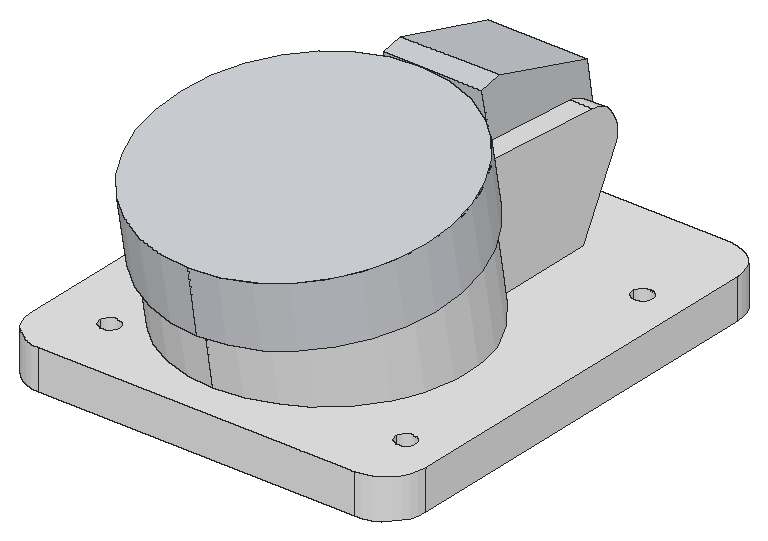
Revit family "Building-IEC309Connections-GEWISS-IEC309HP-10°_FLUSH-MOUNT_SOCKET_FAST_WIRING_32A_IP44-54", category Apparecchi elettrici, host Superficie, Revit 2019
Family settings
  Host = Superficie
  Mantenere orientamento annotazione = Sì
  Quota connettore circolare = Usa diametro
  Tipo di parte = Normale
  Taglio con vuoti quando caricato = No
  Condiviso = No
  Punto di calcolo locali = Sì
Parameters (values of type "GW62221FH - 10°FL.S.O.HP IP44 3P+N+E 32A 400V 6H FW")
  simbolo acceso [instance] = yes
  distanza_simbolo [instance] = 1 mm
  distanza dal piano [instance] = 0 mm
  W = 115 mm  # constant formula
  Voltaggio = 0 V
  Version file RFA = "21.11"
  URL = "https://www.gewiss.com/ww/en"
  Typology = "10° angled flush-mounting socket-outlet"
  Type of wiring = "Quick, with spring"
  Type of material = "Halogen-free in compliance with EN 60754-2"
  Total number of operations = "-2000"
  Thermo-pressure with ball = "125 °C (active parts) - 80 °C (passive parts)"
  Terminal tightening capacity = "2.5-6mm² flexible cables - 2.5-10mm² rigid cables"
  Technical sheet = "https://www.gewiss.com/ww/en/search?q=GW62221FH"
  Spostamento_effettivo_S [instance] = 4000 mm - Spostamento_S  # 3037.5 mm
  Spostamento_S = 962.5 mm
  Sportello_visibile = yes
  Shock resistance = "IK09"
  SPinotto = Default(2)
  SEO = "Socket outlet"
  Reference h = "6"
  Realized by GEWISS S.p.A. = ""
  Rated voltage = "380-415V"
  Rated current (A) = "32"
  Default Elevation = 1219.2 mm
  Produttore = "GEWISS S.p.A."
  Product in stock = ""
  Piastra = Default(2)
  Permissible overload = "42A"
  Operating temperature: = "-25 +55 °C"
  No. of poles = "3P+N+E"
  N.poli = 1
  Model = "GW62221FH"
  L = 155 mm  # constant formula
  Insulation resistance = "- 10 M?"
  Immagine tipo = (empty or 0)
  IP degree = "IP44/IP54"
  IDT = "ea62251e904f421b863a0432afd0cde4"
  IDF = "07cd4bf5-9810-4cbd-96a6-5ef965e97edd"
  Glow wire test: = "850 °C (active parts) - 650 °C (passive parts)"
  Frequency = "50/60 Hz"
  Flange dimensions (mm) = "95x80"
  FORMULA = 1000 mm * 1  # 1000 mm
  Electrocod = "2210"
  Description = "10°FL.S.O.HP IP44 3P+N+E 32A 400V 6H FW"
  Corpo centrale = Default(2)
  Colour: = "Red"
  Catalogue = "BUILDING"
  COBie.Tagnumber = ""
  COBie.CreatedOn = ""
  COBie.CreatebBy = ""
  COBie.ComponentRegisterItemID = ""
  COBie.Component.TagNumber = ""
  COBie.Component.Space = ""
  COBie.Component.SerialNumber = ""
  COBie.Component.InstallationDate = ""
  COBie.Component.Description = ""
  COBie.Component.BarCode = ""
  Breaking capacity at 1.1 Un = "40A"
  BLOCCO = "B=C"
Types (9, lengths in mm): name | Technical sheet | Reference h | Rated voltage | No. of poles | Model | IDT | Description | Colour:
  GW62213FH - 10°FLUSH.S.O. HP IP44 2P+E 32A 110V4H FW | "https://www.gewiss.com/ww/en/search?q=GW62213FH" | "4" | "100-130V" | "2P+E" | "GW62213FH" | "1a29e51ec85a46a7aa7b4e063b5f4dfe" | "10°FLUSH.S.O. HP IP44 2P+E 32A 110V4H FW" | "Yellow"
  GW62214FH - 10°FLUSH.S.O. HP IP44 3P+E 32A 110V4H FW | "https://www.gewiss.com/ww/en/search?q=GW62214FH" | "4" | "100-130V" | "3P+E" | "GW62214FH" | "3e2d1ef9349041adb697cb0c206958bf" | "10°FLUSH.S.O. HP IP44 3P+E 32A 110V4H FW" | "Yellow"
  GW62215FH - 10°FL.S.O. HP IP44 3P+N+E 32A 110V 4H FW | "https://www.gewiss.com/ww/en/search?q=GW62215FH" | "4" | "100-130V" | "3P+N+E" | "GW62215FH" | "391de6e8d4364578aaf5f6f5835ea87c" | "10°FL.S.O. HP IP44 3P+N+E 32A 110V 4H FW" | "Yellow"
  GW62216FH - 10°FLUSH.S.O. HP IP44 2P+E 32A 230V6H FW | "https://www.gewiss.com/ww/en/search?q=GW62216FH" | "6" | "200-250V" | "2P+E" | "GW62216FH" | "d632abd1f47d4de7ae0eec2a7f0d6d52" | "10°FLUSH.S.O. HP IP44 2P+E 32A 230V6H FW" | "Blue"
  GW62217FH - 10°FLUSH.S.O. HP IP44 3P+E 32A 230V9H FW | "https://www.gewiss.com/ww/en/search?q=GW62217FH" | "9" | "200-250V" | "3P+E" | "GW62217FH" | "2674f72b4e094051ac8512a1e80a4ddd" | "10°FLUSH.S.O. HP IP44 3P+E 32A 230V9H FW" | "Blue"
  GW62218FH - 10°FL.S.O. HP IP44 3P+N+E 32A 230V 9H FW | "https://www.gewiss.com/ww/en/search?q=GW62218FH" | "9" | "200-250V" | "3P+N+E" | "GW62218FH" | "ed2de56715ee427d9fc60b9eb0edb760" | "10°FL.S.O. HP IP44 3P+N+E 32A 230V 9H FW" | "Blue"
  GW62219FH - 10°FLUSH.S.O.HP IP44 2P+E 32A 400V 9H FW | "https://www.gewiss.com/ww/en/search?q=GW62219FH" | "9" | "380-415V" | "2P+E" | "GW62219FH" | "71f0b1ff5a834e5ea0ca7ae90810de54" | "10°FLUSH.S.O.HP IP44 2P+E 32A 400V 9H FW" | "Red"
  GW62220FH - 10°FLUSH.S.O.HP IP44 3P+E 32A 400V 6H FW | "https://www.gewiss.com/ww/en/search?q=GW62220FH" | "6" | "380-415V" | "3P+E" | "GW62220FH" | "04f9c54da22a4ecb8d4af48fcd0b2013" | "10°FLUSH.S.O.HP IP44 3P+E 32A 400V 6H FW" | "Red"
  GW62221FH - 10°FL.S.O.HP IP44 3P+N+E 32A 400V 6H FW | "https://www.gewiss.com/ww/en/search?q=GW62221FH" | "6" | "380-415V" | "3P+N+E" | "GW62221FH" | "ea62251e904f421b863a0432afd0cde4" | "10°FL.S.O.HP IP44 3P+N+E 32A 400V 6H FW" | "Red"
Reference planes
  plane 1 "Centro (Fronte/Retro)": y = 0
  plane 2: z = 0
  plane 3 "Centro (Sinistra/Destra)": x = 0
  plane 4: x = -3000
  plane 5: x = 37.5
  plane 6: z = 0
Dimensions and locks
  plane 4 to plane 3 "Centro (Sinistra/Destra)" = 3000 mm
  "Spostamento_effettivo_S": plane 4 to plane 5
  "distanza dal piano": plane 6 to plane 2
  aligned and locked: plane 2 to host face
  aligned and locked: level to host face
  aligned and locked: plane 3 "Centro (Sinistra/Destra)" to nested 1
  aligned and locked: plane 1 "Centro (Fronte/Retro)" to nested 1
  aligned and locked: nested 2 to plane 5
Automatic sketch dimensions
  host sketch curve to host sketch curve = 2438.4 mm  (x2)
Nested families
  nested 1: "IEC309 PRESE FISSE INCASSO 10' CABL A MOLLA 32A IP44-54_BASE" at (0, 0, 0), type "IEC309 PRESE FISSE INCASSO 10' CABL A MOLLA 32A IP44-54_BASE"
  nested 2: "GWGW62201FH - SIMBOLO_PRESA" at (37.5, 171.559, 0), visible <- "simbolo acceso", Distanza dal muro <- "distanza_simbolo", type "3P"
    with SIMBOLO ACCESO yes, Distanza dal muro 1 mm
Connectors
  electrical at (37.5, 30, 0), driven by "N.poli", driven by "Voltaggio"
    settings: on nested 1, index 1, voltage 0 V, apparent load 0 VA, apparent load phase1 0 VA, apparent load phase2 0 VA, apparent load phase3 0 VA, power factor 1, load classification "Altro", number of poles 1, system type 31, power factor state 1, is connector primary yes, connector utility no, sub classification motor no, connector description ""
Definition of nested family "IEC309 PRESE FISSE INCASSO 10' CABL A MOLLA 32A IP44-54_BASE"
  Parameters (values of type "IEC309 PRESE FISSE INCASSO 10' CABL A MOLLA 32A IP44-54_BASE")
    sp_ghiera = 16 mm
    r2 = 28.5 mm
    h = 95 mm  # constant formula
    dis_base = 71 mm
    Sportello = yes
    Spinotto = none
    PIASTRA = none
    Lunghezza totale = 140 mm
    CENTRALE = none
    Bsae = 80 mm  # constant formula
  Reference planes
    plane 1 "Centro (Fronte/Retro)": y = 0
    plane 2: z = 0
    plane 3 "Centro (Sinistra/Destra)": x = 0
    plane 4: x = 80
    plane 5: x = 12
    plane 6: y = 13
    plane 7: x = 72
    plane 8: y = 73
    plane 9: y = 95
    plane 10: y = 36.5
    plane 11: x = 40
    plane 12: z = 8.057
    plane 13: y = 29
    plane 14: z = 23.239
    plane 15: through (37.5, 29, 1200) normal (-0.766, -0.6428, 0)
    plane 16: through (37.5, 29, 1200) normal (-0.766, 0.6428, 0)
  Forms (mm)
    Extrusion 1, solid, material <- "PIASTRA"
      sketch origin (0, 0, 0) x (1, 0, 0) y (0, 1, 0)
        loop
          arc (8, 95) -> (2.343, 92.657) -> (0, 87) r 8
          line (0, 87) -> (0, 8)
          arc (0, 8) -> (2.343, 2.343) -> (8, 0) r 8
          line (8, 0) -> (72, 0)
          arc (72, 0) -> (77.657, 2.343) -> (80, 8) r 8
          line (80, 8) -> (80, 87)
          arc (80, 87) -> (77.657, 92.657) -> (72, 95) r 8
          line (72, 95) -> (8, 95)
      from 0 to 8.057
    Sweep 2, solid, material <- "PIASTRA"
      path origin (0, 5.625, 1.25) x (0, 1, 0) y (0, 0, 1)
        loop
          line (28.063, 23.618) -> (31.416, 5.179)
      profile origin (0, 35.365, 15.648) x (0, 0.983865, 0.17891) y (1, 0, 0)
        loop
          circle (-0.621, 37.5) r 28.5
    Sweep 3, void
      path origin (0, 0.625, 0) x (0, 1, 0) y (0, 0, 1)
        loop
          line (18.381, 21.548) -> (20.759, 8.057)
      profile origin (0, 20.195, 14.803) x (0, 0.984809, 0.173644) y (1, 0, 0)
        loop
          circle (-1.772, 37.608) r 5
        loop
          circle (10.516, 29.004) r 5
        loop
          circle (10.516, 45.996) r 5
    Sweep 4, solid, visible <- "Sportello"
      path origin (0, 4.078, 1.045) x (0, 0.999986, 0.005351) y (0, -0.005351, 0.999986)
        loop
          line (28.975, 37.191) -> (31.331, 23.832)
      profile origin (0, 34.067, 31.717) x (0, 0.983865, 0.17891) y (1, 0, 0)
        loop
          circle (-2.622, 37.5) r 30
    Extrusion 5, void
      sketch origin (0, 0, 0) x (1, 0, 0) y (0, 1, 0)
        loop
          circle (12, 73) r 2.072
        loop
          circle (72, 73) r 2.072
        loop
          circle (12, 13) r 2.072
        loop
          circle (72, 13) r 2.072
      from 0 to 8.057
    Extrusion 6, solid, material <- "PIASTRA"
      sketch origin (0, 0, 0) x (0, 1, 0) y (0, 0, 1)
        loop
          line (82.07, 31.864) -> (55.217, 33.756) -> (59.658, 8.057) -> (79.532, 8.057) -> (87.658, 22.784)
          arc (87.658, 22.784) -> (87.197, 28.76) -> (82.07, 31.864) r 6.557
      from 24.077 to 29.987
    Extrusion 7, solid, material <- "PIASTRA"
      sketch origin (80, 0, 0) x (0, 1, 0) y (0, 0, -1)
        loop
          arc (82.07, -31.864) -> (87.197, -28.76) -> (87.658, -22.784) r 6.557
          line (87.658, -22.784) -> (79.532, -8.057) -> (59.658, -8.057) -> (55.217, -33.756) -> (82.07, -31.864)
      from 25.374 to 29.987
    Extrusion 8, solid
      sketch origin (0, 0, 0) x (0, 1, 0) y (0, 0, 1)
        loop
          line (86.345, 37.376) -> (64.321, 44.113) -> (59.79, 43.289) -> (61.605, 33.306) -> (82.07, 31.864)
          arc (82.07, 31.864) -> (86.043, 30.157) -> (88.089, 26.347) r 6.557
          line (88.089, 26.347) -> (86.345, 37.376)
      from 29.987 to 50.013
  Cuts and joins
    Sweep 3, Extrusion 5 cuts Extrusion 1
    Sweep 3, Extrusion 5 cuts Sweep 2
    joined: Extrusion 1, Sweep 2, Extrusion 6
  Dimensions and locks
    "Bsae": plane 3 "Centro (Sinistra/Destra)" to plane 4
    locked: plane 7 to plane 4 at 8
    "h": plane 1 "Centro (Fronte/Retro)" to plane 9
    equal spacing: plane 1 "Centro (Fronte/Retro)", plane 10, plane 8
    equal spacing: plane 3 "Centro (Sinistra/Destra)", plane 11, plane 4
    locked: plane 5 to plane 7 at 60
    locked: plane 8 to plane 6 at 60
    locked: plane 12 to level at 8.057
    plane 1 "Centro (Fronte/Retro)" to plane 13 = 29 mm
    plane 14 to plane 12 = 15.181 mm
    radius of Extrusion 1 sketch curve = 8 mm  (x4)
    "r2": radius of Sweep 2 sketch curve
    aligned and locked: level to plane 2
    aligned and locked: plane 9 to Extrusion 1
    aligned and locked: Extrusion 1 to plane 3 "Centro (Sinistra/Destra)"
    aligned and locked: plane 1 "Centro (Fronte/Retro)" to Extrusion 1
    aligned and locked: Extrusion 1 to plane 4
    aligned and locked: plane 12 to Extrusion 1
    aligned and locked: plane 5 to Extrusion 5 sketch curve  (x2)
    aligned and locked: plane 8 to Extrusion 5 sketch curve  (x2)
    aligned and locked: plane 7 to Extrusion 5 sketch curve  (x2)
    aligned and locked: plane 6 to Extrusion 5 sketch curve  (x2)
    aligned and locked: Extrusion 1 to Extrusion 5
    aligned and locked: Extrusion 8 to cut or joined group of Extrusion 1, Sweep 2, Sweep 3, Extrusion 5, Extrusion 6
    aligned and locked: Extrusion 8 to Extrusion 7
  Automatic sketch dimensions
    Extrusion 1 sketch curve to plane 3 "Centro (Sinistra/Destra)" = 0 mm
    Extrusion 1 sketch curve to plane 7 = 0 mm
    plane 1 "Centro (Fronte/Retro)" to Extrusion 1 sketch curve = 0 mm
    Extrusion 1 sketch curve to plane 9 = 0 mm
    Sweep 2 sketch curve to plane 10 = 2.812 mm
    plane 10 to Sweep 2 sketch curve = 0.541 mm
    Sweep 2 sketch curve to plane 12 = 1.629 mm
    plane 14 to Sweep 2 sketch curve = 1.629 mm
    Sweep 3 sketch curve to plane 12 = 0 mm
    Sweep 3 sketch curve to plane 14 = 1.691 mm
    plane 6 to Sweep 3 sketch curve = 6.006 mm
    Sweep 3 sketch curve to plane 13 = 7.616 mm
    profile plane to Sweep 3 sketch curve = 1.772 mm
    Sweep 3 sketch curve to profile plane = 10.516 mm  (x2)
    plane 3 "Centro (Sinistra/Destra)" to Sweep 3 sketch curve = 29.004 mm
    Sweep 3 sketch curve to Sweep 3 sketch curve = 8.604 mm
    Sweep 3 sketch curve to Sweep 3 sketch curve = 8.388 mm
    Sweep 4 sketch curve to plane 10 = 3.646 mm
    plane 14 to Sweep 4 sketch curve = 15.152 mm
    Sweep 4 sketch curve to Sweep 4 sketch curve = 2.356 mm
    Sweep 4 sketch curve to Sweep 4 sketch curve = 13.359 mm
    profile plane to Sweep 4 sketch curve = 2.622 mm
    plane 3 "Centro (Sinistra/Destra)" to Sweep 4 sketch curve = 37.5 mm
    Extrusion 6 sketch curve to plane 12 = 0 mm
    Extrusion 6 sketch curve to plane 8 = 17.783 mm
    Extrusion 6 sketch curve to plane 8 = 13.342 mm
    plane 8 to Extrusion 6 sketch curve = 6.532 mm
    plane 14 to Extrusion 6 sketch curve = 2.084 mm
    plane 8 to Extrusion 6 sketch curve = 8.612 mm
    Extrusion 6 sketch curve to Extrusion 6 sketch curve = 0.457 mm
    Extrusion 6 sketch curve to plane 14 = 0.455 mm
    Extrusion 6 sketch curve to Extrusion 6 sketch curve = 6.046 mm
    plane 14 to Extrusion 6 sketch curve = 10.517 mm
    Extrusion 7 sketch curve to plane 12 = 0 mm
    Extrusion 7 sketch curve to plane 8 = 17.783 mm
    Extrusion 7 sketch curve to plane 8 = 13.342 mm
    plane 8 to Extrusion 7 sketch curve = 6.532 mm
    plane 14 to Extrusion 7 sketch curve = 2.084 mm
    plane 8 to Extrusion 7 sketch curve = 8.612 mm
    Extrusion 7 sketch curve to Extrusion 7 sketch curve = 0.457 mm
    Extrusion 7 sketch curve to plane 14 = 0.455 mm
    Extrusion 7 sketch curve to Extrusion 7 sketch curve = 6.046 mm
    plane 14 to Extrusion 7 sketch curve = 10.517 mm
    plane 14 to Extrusion 8 sketch curve = 2.084 mm
    plane 8 to Extrusion 8 sketch curve = 8.612 mm
    Extrusion 8 sketch curve to Extrusion 8 sketch curve = 0.457 mm
    Extrusion 8 sketch curve to Extrusion 8 sketch curve = 6.541 mm
    Extrusion 8 sketch curve to plane 8 = 8.679 mm
    Extrusion 8 sketch curve to Extrusion 8 sketch curve = 2.716 mm
    Extrusion 8 sketch curve to Extrusion 8 sketch curve = 4.531 mm
    Extrusion 8 sketch curve to Extrusion 8 sketch curve = 4.275 mm
    plane 14 to Extrusion 8 sketch curve = 3.108 mm  (x2)
    Extrusion 8 sketch curve to Extrusion 8 sketch curve = 5.512 mm
    plane 14 to Extrusion 8 sketch curve = 10.067 mm
    Extrusion 8 sketch curve to Extrusion 8 sketch curve = 0.824 mm
    Extrusion 8 sketch curve to Extrusion 8 sketch curve = 0 mm
    profile plane to Sweep 2 sketch curve = 0.621 mm
    plane 3 "Centro (Sinistra/Destra)" to Sweep 2 sketch curve = 37.5 mm
    radius of Sweep 3 sketch curve = 5 mm  (x3)
    radius of Sweep 4 sketch curve = 30 mm
    radius of Extrusion 5 sketch curve = 2.072 mm  (x4)
Definition of nested family "GWGW62201FH - SIMBOLO_PRESA"
  Parameters (values of type "3P")
    SIMBOLO ACCESO [instance] = yes
    Distanza dal muro [instance] = 0 mm
  Reference planes
    plane 1: y = 0
    plane 2: x = 0
  Dimensions and locks
    "Distanza dal muro": plane 1 to nested 1
    aligned and locked: plane 2 to nested 1
  Nested families
    nested 1: "GWGW62201FH - SIMBOLO" at (0, 0, 0), visible <- "SIMBOLO ACCESO", type "3P"
  Definition of nested family "GWGW62201FH - SIMBOLO"
    Parameters (values of type "3P")
      CORNICE SIMBOLO [instance] = yes
      3P = yes
    Reference planes
      plane 1: y = 0
      plane 2: x = 0
    Lines and regions (mm)
      detail lines
        curve 1: circle (-0.314, 0.674, 0) r 0.057 normal (0, 0, 1)
        curve 2: arc (0.346, -0.009, 0) -> (0, 0.337, 0) -> (-0.346, -0.009, 0) r 0.346
        curve 3: line (0, 0.337, 0) -> (0.346, 0.337, 0)
        curve 4: line (0, 3.386, 0) -> (0, 0.337, 0)
        curve 5: line (0, 0.337, 0) -> (-0.314, 0.674, 0)
